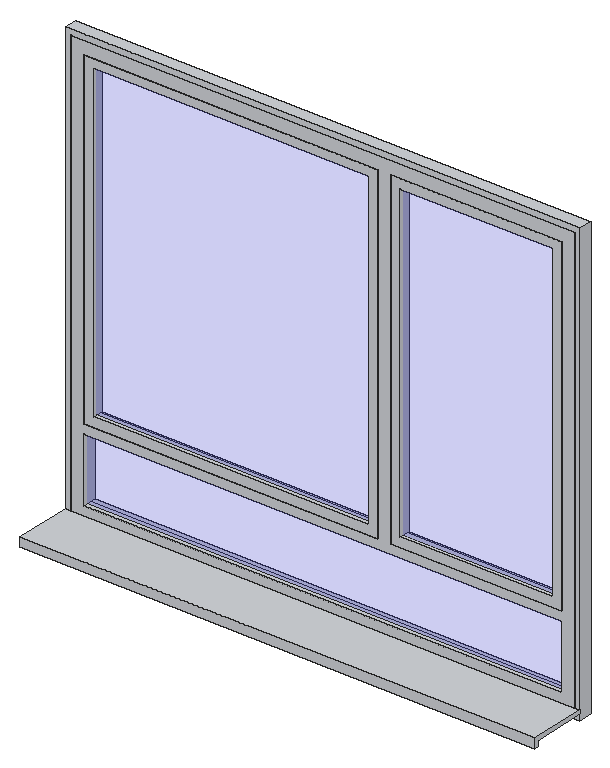
Revit family "AVLN_Окно_Фрамуга общая_2 створки", category Окна, Revit 2021
Family settings
  Основа = Стена
  Номер OmniClass = 23.30.20.00
  Заголовок OmniClass = Windows
  Всегда вертикально = Да
  При загрузке вырезать с полостями = Нет
  Общий = Нет
  Точка принадлежности помещению = Нет
Parameters (values of type "Для копирования!")
  Ширина рамы = 70 mm
  Ширина импоста = 50 mm
  Четверть слева/справа = 50 mm
  Четверть низ = 0 mm  # constant formula
  Четверть верх = 50 mm
  Створка_снизу_ширина = Width - Монтажный зазор * 2 - Ширина рамы * 2  # 2600 mm
  Створка_снизу_высота = 350 mm
  Створка_толщина = 25 mm  # constant formula
  Толщина основы [instance] = 200 mm
  Створка_справа_ширина = Width - ((Ширина рамы * 3) + (Монтажный зазор * 2) + Створка_слева_ширина)  # 930 mm
  Створка_слева_ширина = 1600 mm
  Створка_профиль = 50 mm
  Створка_высота = Height - (Створка_снизу_высота + (Ширина рамы * 2) + Ширина импоста + (Монтажный зазор * 2))  # 1800 mm
  Определить тепловые свойства по = Тип схем
  Model = ""
  Верх право открывание = АВЛН_Створка открывная : Створка откидная
  Верх лево открывание = АВЛН_Створка открывная : Створка откидная
  Rough Width = Width - Монтажный зазор * 2  # 2740 mm
  Rough Height = Height - Монтажный зазор * 2  # 2340 mm
  Подстановочный профиль_Ширина = 20 mm  # constant formula
  Подстановочный профиль_Толщина = 60 mm
  Подоконник_Толщина = 20 mm
  Подоконник_Длина = Width  # 2800 mm
  Подоконник_Глубина = 280 mm
  Подоконник = yes
  Низ открывание = АВЛН_Створка открывная : Створка глухая
  Глубина вставки = 0 mm
  Отлив_Толщина = 1 mm  # constant formula
  Отлив_Длина = Width - [Четверть слева/справа] * 2  # 2700 mm
  Отлив_Глубина = 280 mm
  Отлив = no
  Откос_Н.Ширина = Width - 2 * [Четверть слева/справа]  # 2700 mm
  Откос_Н.Толщина.8 = 32 mm
  Откос_Н.Толщина.7 = 28 mm
  Откос_Н.Толщина.6 = 24 mm
  Откос_Н.Толщина.5 = 20 mm
  Откос_Н.Толщина.4 = 16 mm
  Откос_Н.Толщина.3 = 12 mm
  Откос_Н.Толщина.2 = 8 mm
  Откос_Н.Толщина.1 = 4 mm
  Откос_Н.Отступ_П = 0 mm  # constant formula
  Откос_Н.Отступ_Л = 0 mm  # constant formula
  Откос_Н.Количество слоев = 0
  Откос_Н.Глубина = 150 mm
  Откос_Н.Высота = Height - Четверть верх - Четверть низ  # 2350 mm
  Откос_В.Толщина.8 = 32 mm
  Откос_В.Толщина.7 = 28 mm
  Откос_В.Толщина.6 = 24 mm
  Откос_В.Толщина.5 = 20 mm
  Откос_В.Толщина.4 = 16 mm
  Откос_В.Толщина.3 = 12 mm
  Откос_В.Толщина.2 = 8 mm
  Откос_В.Толщина.1 = 4 mm
  Откос_В.Отступ_П [instance] = Монтажный зазор + Подоконник_Толщина  # 50 mm
  Откос_В.Отступ_Л [instance] = Монтажный зазор + Подоконник_Толщина  # 50 mm
  Откос_В.Количество слоев = 0
  Откос_В.Глубина [instance] = Толщина основы - Глубина вставки - Ширина рамы  # 130 mm
  Монтажный зазор = 30 mm
  М.Подоконник = none
  М.Отлив = none
  М.Откос_Н.8 = none
  М.Откос_Н.7 = none
  М.Откос_Н.6 = none
  М.Откос_Н.5 = none
  М.Откос_Н.4 = none
  М.Откос_Н.3 = none
  М.Откос_Н.2 = none
  М.Откос_Н.1 = ADSK_Полимеры_ Поливинилхлорид_(ПВХ) белый
  М.Откос_В.8 = none
  М.Откос_В.7 = none
  М.Откос_В.6 = none
  М.Откос_В.5 = none
  М.Откос_В.4 = none
  М.Откос_В.3 = none
  М.Откос_В.2 = none
  М.Откос_В.1 = ADSK_Полимеры_ Поливинилхлорид_(ПВХ) белый
  М.Монтажного зазора = none
  М.Стекла = Стекло
  М.Рамы = none
  М.Подоконный профиль = none
  Type Comments = ""
  Height = 2400 mm
  Высота подоконника по умолчанию = 800 mm
  Замыкание стены = По основе
  Width = 2800 mm
  Аналитическая конструкция = "<Нет>"
  АВЛН_Проем_Ширина [instance] = Width  # 2800 mm
  АВЛН_Проем_Высота [instance] = Height  # 2400 mm
  ADSK_Этаж [instance] = ""
  ADSK_Размер_Ширина = Width  # 2800 mm
  ADSK_Размер_Высота = Height  # 2400 mm
  ADSK_Примечание [instance] = ""
  ADSK_Площадь = Height * Width  # 6.72 m²
  ADSK_Обозначение = ""
  ADSK_Номер секции [instance] = ""
  ADSK_Наименование = ""
  ADSK_Марка = ""
  ADSK_Группирование = ""
  -----------Разрезка----------- = "-----------"  # constant formula
  -----------Профили----------- = "-----------"  # constant formula
  -----------Подоконник----------- = "-----------"  # constant formula
  -----------Отлив----------- = "-----------"  # constant formula
  -----------Откос----------- = "-----------"  # constant formula
  -----------Основные габариты----------- = "-----------"  # constant formula
  -----------Вставка----------- = "-----------"  # constant formula
Types (6, lengths in mm): name | Створка_снизу_ширина | Створка_справа_ширина | Створка_слева_ширина | Створка_высота | Model | Верх право открывание | Верх лево открывание | Rough Width | Rough Height | Подстановочный профиль_Толщина | Подоконник_Длина | Подоконник_Глубина | Подоконник | Отлив_Длина | Отлив_Глубина | Откос_Н.Ширина | Откос_Н.Высота | М.Отлив | М.Откос_Н.1 | М.Откос_В.1 | М.Стекла | М.Рамы | М.Подоконный профиль | Type Comments | Height | Width | АВЛН_Проем_Ширина | АВЛН_Проем_Высота | ADSK_Размер_Ширина | ADSK_Размер_Высота | ADSK_Площадь | ADSK_Обозначение | ADSK_Наименование | ADSK_Марка
  Для копирования! | 2600 | 930 | 1600 | 1800 | "" | АВЛН_Створка открывная : Створка откидная | АВЛН_Створка открывная : Створка откидная | 2740 | 2340 | 60 | 2800 | 280 | yes | 2700 | 280 | 2700 | 2350 | none | ADSK_Полимеры_ Поливинилхлорид_(ПВХ) белый | ADSK_Полимеры_ Поливинилхлорид_(ПВХ) белый | Стекло | none | none | "" | 2400 | 2800 | 2800 | 2400 | 2800 | 2400 | 6.72 m² | "" | "" | ""
  2000х1800(h)_П_двух.створ. откр. | 1800 | 700 | 1030 | 1200 | "" | АВЛН_Створка открывная : Створка повороно-откидная правая | АВЛН_Створка открывная : Створка поворотная левая | 1940 | 1740 | 50 | 2000 | 190 | no | 1900 | 200 | 1900 | 1750 | AVLN_Материал импоста_RAL 7024 | none | none | АВЛН_Остекление окон и дверей | AVLN_Материал импоста_RAL 7024 | AVLN_Материал импоста_RAL 7024 | "АР" | 1800 | 2000 | 2000 | 1800 | 2000 | 1800 | 3.60 m² | "ГОСТ 30674-99" | "БП Б1  1940-1740" | "ОК-6П"
  1600х1800(h)_Л | 1400 | 895 | 435 | 1200 | "" | АВЛН_Створка открывная : Створка глухая | АВЛН_Створка открывная : Створка повороно-откидная левая | 1540 | 1740 | 50 | 1600 | 190 | no | 1500 | 200 | 1500 | 1750 | AVLN_Материал импоста_RAL 7024 | none | none | АВЛН_Остекление окон и дверей | AVLN_Материал импоста_RAL 7024 | AVLN_Материал импоста_RAL 7024 | "АР" | 1800 | 1600 | 1600 | 1800 | 1600 | 1800 | 2.88 m² | "ГОСТ 30674-99" | "" | "ОК-3"
  1600х1800(h) | 1400 | 665 | 665 | 1200 | "Оконный блок" | АВЛН_Створка открывная : Створка глухая | АВЛН_Створка открывная : Створка повороно-откидная левая | 1540 | 1740 | 50 | 1600 | 190 | no | 1500 | 200 | 1500 | 1750 | AVLN_Материал импоста_RAL 7024 | none | none | AVLN_Остекление окон и дверей | AVLN_Материал импоста_RAL 7024 | AVLN_Материал импоста_RAL 7024 | "АР" | 1800 | 1600 | 1600 | 1800 | 1600 | 1800 | 2.88 m² | "ГОСТ 30674-99" | "" | "ОК-5"
  2000х1800(h)_П | 1800 | 700 | 1030 | 1200 | "Оконный блок" | АВЛН_Створка открывная : Створка повороно-откидная правая | АВЛН_Створка открывная : Створка глухая | 1940 | 1740 | 50 | 2000 | 190 | no | 1900 | 200 | 1900 | 1750 | AVLN_Материал импоста_RAL 7024 | none | none | АВЛН_Остекление окон и дверей | AVLN_Материал импоста_RAL 7024 | AVLN_Материал импоста_RAL 7024 | "АР" | 1800 | 2000 | 2000 | 1800 | 2000 | 1800 | 3.60 m² | "ГОСТ 30674-99" | "БП Б1  1940-1740" | "ОК-4П"
  2000х1800(h)_Л | 1800 | 1030 | 700 | 1200 | "Оконный блок" | АВЛН_Створка открывная : Створка глухая | АВЛН_Створка открывная : Створка повороно-откидная левая | 1940 | 1740 | 50 | 2000 | 190 | no | 1900 | 200 | 1900 | 1750 | AVLN_Материал импоста_RAL 7024 | none | none | АВЛН_Остекление окон и дверей | AVLN_Материал импоста_RAL 7024 | AVLN_Материал импоста_RAL 7024 | "АР" | 1800 | 2000 | 2000 | 1800 | 2000 | 1800 | 3.60 m² | "ГОСТ 30674-99" | "БП Б1  1940-1740" | "ОК-4Л"
Reference planes
  plane 1 "По центру (Вперед/Назад)": y = 0
  plane 2 "По центру (Влево/Вправо)": x = 0
  plane 3 "Слева": x = -1400
  plane 4 "Справа": x = 1400
  plane 5 "Подоконник": z = 800
  plane 6 "Заголовок": z = 3200
  plane 7 "Наружный": y = 100
  plane 8 "Внутренние": y = -100
  plane 9 "Окно": y = 100
  plane 10: x = 1370
  plane 11: z = 3170
  plane 12: x = -1370
  plane 13: z = 830
  plane 14: x = 1350
  plane 15: x = -1350
  plane 16: z = 2000
  plane 17: y = 600
  plane 18: y = -400
  plane 19: z = 3150
  plane 20 "Чет. низ": z = 800
  plane 21 "Внутряння грань": y = 30
  plane 22: y = 80
  plane 23 "Импост верх": z = 1300
  plane 24 "Импост низ": z = 1250
  plane 25: z = 900
  plane 26: z = 3100
  plane 27: x = -1300
  plane 28: x = 1300
  plane 29 "4": z = 1275
  plane 30 "5": x = 300
  plane 31 "6": x = 370
  plane 32 "9": x = 0
  plane 33 "10": x = 835
  plane 34 "11": x = -500
  plane 35 "12": z = 2200
  plane 36: z = 1075
Forms (mm)
  Extrusion 1, void
    sketch origin (0, 100, 0) x (1, 0, 0) y (0, 0, 1)
      loop
        line (1350, 3150) -> (-1350, 3150) -> (-1350, 800) -> (1350, 800) -> (1350, 3150)
    from -500 to 20
  Extrusion 2, void
    sketch origin (0, 100, 0) x (1, 0, 0) y (0, 0, 1)
      loop
        line (1400, 3200) -> (-1400, 3200) -> (-1400, 800) -> (1400, 800) -> (1400, 3200)
    from 0 to 500
  Extrusion 3, solid, material <- "М.Монтажного зазора", detail levels medium+fine
    sketch origin (0, 100, 0) x (1, 0, 0) y (0, 0, 1)
      loop
        line (1400, 3200) -> (-1400, 3200) -> (-1400, 800) -> (1400, 800) -> (1400, 3200)
      loop
        line (-1370, 3170) -> (-1370, 830) -> (1370, 830) -> (1370, 3170) -> (-1370, 3170)
    from 0 to 70
  Extrusion 4, solid, material <- "М.Рамы", detail levels medium+fine
    sketch origin (0, 100, 0) x (-1, 0, 0) y (0, 0, 1)
      loop
        line (-1370, 3170) -> (-1370, 830) -> (1370, 830) -> (1370, 3170) -> (-1370, 3170)
      loop
        line (-300, 3100) -> (-300, 1300) -> (1300, 1300) -> (1300, 3100) -> (-300, 3100)
      loop
        line (1300, 900) -> (1300, 1250) -> (-1300, 1250) -> (-1300, 900) -> (1300, 900)
      loop
        line (-370, 3100) -> (-1300, 3100) -> (-1300, 1300) -> (-370, 1300) -> (-370, 3100)
    from -70 to 0
Lines and regions (mm)
  reference lines
    curve 1: line (-1400, -100, 1275) -> (1400, -100, 1275)
    curve 2: line (335, -100, 3200) -> (335, -100, 800)
Text (mm)
  text "EXTERIOR" at (-1963.203, 1332.353, 0), in view "Опорный уровень"
  text "INTERIOR" at (-1981.466, -818.386, 0), in view "Опорный уровень"
  text "Наружный" at (0, 923.751, 2943.296), in view "Справа"
  text "Наружный" at (0, 1240.237, 2685.409), in view "Слева"
Dimensions and locks
  equal spacing: plane 3 "Слева", plane 2 "По центру (Влево/Вправо)", plane 4 "Справа"
  "Width": plane 3 "Слева" to plane 4 "Справа"
  "Height": plane 5 "Подоконник" to plane 6 "Заголовок"
  "Высота подоконника по умолчанию": plane 5 "Подоконник" to level
  locked: plane 7 "Наружный" to host wall
  locked: plane 8 "Внутренние" to host wall
  "Глубина вставки": plane 9 "Окно" to plane 7 "Наружный"
  "Монтажный зазор": plane 10 to plane 4 "Справа"
  "Монтажный зазор": plane 3 "Слева" to plane 12
  "Монтажный зазор": plane 11 to plane 6 "Заголовок"
  "Монтажный зазор": plane 5 "Подоконник" to plane 13
  "Четверть слева/справа": plane 14 to plane 4 "Справа"
  "Четверть слева/справа": plane 3 "Слева" to plane 15
  equal spacing: plane 5 "Подоконник", plane 16, plane 6 "Заголовок"
  locked: plane 7 "Наружный" to plane 17 at 500
  locked: plane 18 to plane 8 "Внутренние" at 300
  "Четверть верх": plane 19 to plane 6 "Заголовок"
  "Четверть низ": plane 5 "Подоконник" to plane 20 "Чет. низ"
  "Ширина рамы": plane 9 "Окно" to plane 21 "Внутряння грань"
  "Толщина основы": host wall to host wall
  locked: plane 22 to plane 21 "Внутряння грань" at 50
  "Ширина импоста": plane 24 "Импост низ" to plane 23 "Импост верх"
  "Ширина рамы": plane 28 to plane 10
  "Ширина рамы": plane 12 to plane 27
  "Ширина рамы": plane 13 to plane 25
  "Ширина рамы": plane 26 to plane 11
  plane 23 "Импост верх" to plane 26 = 1800 mm  (x2)
  "Створка_снизу_высота": plane 25 to plane 24 "Импост низ"
  equal spacing: plane 23 "Импост верх", plane 29 "4", plane 24 "Импост низ"
  "Створка_слева_ширина": plane 27 to plane 30 "5"
  "Ширина рамы": plane 30 "5" to plane 31 "6"
  equal spacing: plane 30 "5", curve 2, plane 31 "6"
  equal spacing: plane 31 "6", plane 33 "10", plane 28
  equal spacing: plane 27, plane 34 "11", plane 30 "5"
  equal spacing: plane 26, plane 35 "12", plane 23 "Импост верх"
  equal spacing: plane 24 "Импост низ", plane 36, plane 25
  plane 31 "6" to plane 28 = 930 mm
  plane 25 to plane 36 to plane 24 "Импост низ" = 175 mm, 175 mm
  aligned and locked: Extrusion 1 sketch curve to plane 14
  aligned and locked: Extrusion 1 sketch curve to plane 15
  aligned and locked: Extrusion 1 to plane 17
  aligned and locked: Extrusion 2 sketch curve to plane 6 "Заголовок"
  aligned and locked: Extrusion 2 sketch curve to plane 4 "Справа"
  aligned and locked: plane 5 "Подоконник" to Extrusion 2 sketch curve
  aligned and locked: plane 3 "Слева" to Extrusion 2 sketch curve
  aligned and locked: Extrusion 2 to plane 9 "Окно"
  aligned and locked: Extrusion 2 to plane 18
  aligned and locked: Extrusion 1 sketch curve to plane 19
  aligned and locked: plane 20 "Чет. низ" to Extrusion 1 sketch curve
  aligned and locked: plane 9 "Окно" to nested 1
  aligned and locked: plane 2 "По центру (Влево/Вправо)" to nested 1
  aligned and locked: nested 2 to plane 21 "Внутряння грань"
  aligned and locked: nested 2 to plane 2 "По центру (Влево/Вправо)"
  aligned and locked: nested 3 to plane 2 "По центру (Влево/Вправо)"
  aligned and locked: plane 8 "Внутренние" to nested 3
  aligned and locked: nested 4 to plane 9 "Окно"
  aligned and locked: Extrusion 3 sketch curve to plane 6 "Заголовок"
  aligned and locked: Extrusion 3 sketch curve to plane 4 "Справа"
  aligned and locked: Extrusion 3 sketch curve to nested 2  (x2)
  aligned and locked: Extrusion 3 sketch curve to plane 11
  aligned and locked: Extrusion 3 sketch curve to plane 12
  aligned and locked: Extrusion 3 sketch curve to plane 13
  aligned and locked: Extrusion 3 sketch curve to plane 10
  aligned and locked: Extrusion 3 to nested 2
  aligned and locked: Extrusion 4 sketch curve to plane 24 "Импост низ"
  aligned and locked: plane 23 "Импост верх" to Extrusion 4 sketch curve
  aligned and locked: Extrusion 4 sketch curve to Extrusion 4 sketch curve
  aligned and locked: plane 27 to Extrusion 4 sketch curve
  aligned and locked: Extrusion 4 sketch curve to plane 12
  aligned and locked: Extrusion 4 sketch curve to plane 13
  aligned and locked: Extrusion 4 sketch curve to plane 26
  aligned and locked: Extrusion 4 sketch curve to plane 11
  aligned and locked: plane 20 "Чет. низ" to nested 4
  aligned and locked: nested 4 to plane 2 "По центру (Влево/Вправо)"
  aligned and locked: Extrusion 3 to plane 9 "Окно"
  aligned and locked: Extrusion 4 to plane 21 "Внутряння грань"
  aligned and locked: Extrusion 4 to plane 9 "Окно"
  aligned and locked: Extrusion 1 to plane 22
  aligned and locked: curve 1 to plane 29 "4"
  aligned and locked: plane 3 "Слева" to curve 1
  aligned and locked: plane 4 "Справа" to curve 1
  aligned and locked: Extrusion 4 sketch curve to plane 10
  aligned and locked: plane 26 to Extrusion 4 sketch curve
  aligned and locked: Extrusion 4 sketch curve to plane 28
  aligned and locked: Extrusion 4 sketch curve to plane 23 "Импост верх"
  aligned and locked: Extrusion 4 sketch curve to plane 31 "6"
  aligned and locked: plane 6 "Заголовок" to curve 2
  aligned and locked: plane 5 "Подоконник" to curve 2
  aligned and locked: plane 28 to Extrusion 4
  aligned and locked: Extrusion 4 to plane 27
  aligned and locked: plane 32 "9" to nested 5
  aligned and locked: nested 5 to plane 16
  aligned and locked: plane 33 "10" to nested 6
  aligned and locked: nested 6 to plane 35 "12"
  aligned and locked: plane 34 "11" to nested 7
  aligned and locked: nested 7 to plane 35 "12"
  aligned and locked: nested 8 to plane 36
  aligned and locked: plane 32 "9" to nested 8
Automatic sketch dimensions
  plane 28 to Extrusion 4 sketch curve = 0 mm
  plane 30 "5" to Extrusion 4 sketch curve = 0 mm
  Extrusion 4 sketch curve to plane 25 = 0 mm
Nested families
  nested 1: "Отлив" at (0, 100, 800) x (-1, 0, 0) z (0, 0, 1), Глубина отлива <- "Отлив_Глубина", Длина отлива <- "Отлив_Длина", ТО <- "Отлив_Толщина", Ш_МЗЗ <- "Монтажный зазор", Ш_ПП <- "Подстановочный профиль_Ширина", ADSK_Группирование <- "ADSK_Группирование", ADSK_Номер секции <- "ADSK_Номер секции", ADSK_Этаж <- "ADSK_Этаж", visible <- "Отлив", М <- "М.Отлив", type "Отлив", detail levels fine
    with Ш_ПП 20 mm, Ш_МЗЗ 30 mm, ТО 1 mm, М none, Длина отлива 2700 mm, Глубина отлива 280 mm, ADSK_Этаж "", ADSK_Примечание "", ADSK_Обозначение "", ADSK_Номер секции "", ADSK_Наименование "", ADSK_Марка "", ADSK_Группирование ""
  nested 2: "Подоконник" at (0, 30, 800), Глубина подоконника <- "Подоконник_Глубина", Длина отлива <- "Подоконник_Длина", ТП <- "Подоконник_Толщина", Ш_МЗЗ <- "Монтажный зазор", Ш_ПП <- "Подстановочный профиль_Ширина", ADSK_Группирование <- "ADSK_Группирование", ADSK_Номер секции <- "ADSK_Номер секции", ADSK_Этаж <- "ADSK_Этаж", visible <- "Подоконник", М <- "М.Подоконник", type "Подоконник", detail levels fine
    with Ш_ПП 20 mm, Ш_МЗЗ 30 mm, ТП 20 mm, М none, Длина отлива 2800 mm, Глубина подоконника 280 mm, ADSK_Этаж "", ADSK_Примечание "", ADSK_Обозначение "", ADSK_Номер секции "", ADSK_Наименование "", ADSK_Марка "", ADSK_Группирование ""
  nested 3: "AVLN_Откосы_R19" at (0, -100, 0), Глубина <- "Откос_В.Глубина", Высота от уровня <- "Высота подоконника по умолчанию", ADSK_Группирование <- "Type Comments", ADSK_Этаж <- "ADSK_Этаж", ADSK_Номер секции <- "ADSK_Номер секции", Материал_1 <- "М.Откос_В.1", Материал_2 <- "М.Откос_В.2", Материал_3 <- "М.Откос_В.3", Материал_4 <- "М.Откос_В.4", Материал_5 <- "М.Откос_В.5", Материал_6 <- "М.Откос_В.6", Материал_7 <- "М.Откос_В.7", Материал_8 <- "М.Откос_В.8", Толщина_1 <- "Откос_В.Толщина.1", Толщина_2 <- "Откос_В.Толщина.2", Толщина_3 <- "Откос_В.Толщина.3", Толщина_4 <- "Откос_В.Толщина.4", Толщина_5 <- "Откос_В.Толщина.5", Толщина_6 <- "Откос_В.Толщина.6", Толщина_7 <- "Откос_В.Толщина.7", Толщина_8 <- "Откос_В.Толщина.8", Количество слоев <- "Откос_В.Количество слоев", Отступ_Л <- "Откос_В.Отступ_Л", Отступ_П <- "Откос_В.Отступ_П", Высота <- "Height", Ширина <- "Width", type "AVLN_Откосы_R19"
    with Ширина_8 2576 mm, Ширина_7 2632 mm, Ширина_6 2680 mm, Ширина_5 2720 mm, Ширина_4 2752 mm, Ширина_3 2776 mm, Ширина_2 2792 mm, Ширина 2800 mm, Толщина_8 32 mm, Толщина_7 28 mm, Толщина_6 24 mm, Толщина_5 20 mm, Толщина_4 16 mm, Толщина_3 12 mm, Толщина_2 8 mm, Толщина_1 4 mm, Отступ_П 50 mm, Отступ_Л 50 mm, Материал_8 none, Материал_7 none, Материал_6 none, Материал_5 none, Материал_4 none, Материал_3 none, Материал_2 none, Материал_1 ADSK_Полимеры_ Поливинилхлорид_(ПВХ) белый, Количество слоев 0, Глубина 130 mm, Высота_8 2288 mm, Высота_7 2316 mm, Высота_6 2340 mm, Высота_5 2360 mm, Высота_4 2376 mm, Высота_3 2388 mm, Высота_2 2396 mm, Высота от уровня 800 mm, Высота 2400 mm, Видимость_8 no, Видимость_7 no, Видимость_6 no, Видимость_5 no, Видимость_4 no, Видимость_3 no, Видимость_2 no, Видимость_1 no, ADSK_Этаж "", ADSK_Номер секции "", ADSK_Группирование ""
  nested 4: "AVLN_Откосы_R19" at (0, 100, 0), Ширина <- "Откос_Н.Ширина", Глубина <- "Откос_Н.Глубина", Высота <- "Откос_Н.Высота", Высота от уровня <- "Высота подоконника по умолчанию", ADSK_Группирование <- "Type Comments", ADSK_Этаж <- "ADSK_Этаж", ADSK_Номер секции <- "ADSK_Номер секции", Материал_1 <- "М.Откос_Н.1", Материал_2 <- "М.Откос_Н.2", Материал_3 <- "М.Откос_Н.3", Материал_4 <- "М.Откос_Н.4", Материал_5 <- "М.Откос_Н.5", Материал_6 <- "М.Откос_Н.6", Материал_7 <- "М.Откос_Н.7", Материал_8 <- "М.Откос_Н.8", Толщина_1 <- "Откос_Н.Толщина.1", Толщина_2 <- "Откос_Н.Толщина.2", Толщина_3 <- "Откос_Н.Толщина.3", Толщина_4 <- "Откос_Н.Толщина.4", Толщина_5 <- "Откос_Н.Толщина.5", Толщина_6 <- "Откос_Н.Толщина.6", Толщина_7 <- "Откос_Н.Толщина.7", Толщина_8 <- "Откос_Н.Толщина.8", Количество слоев <- "Откос_Н.Количество слоев", Отступ_Л <- "Откос_Н.Отступ_Л", Отступ_П <- "Откос_Н.Отступ_П", type "AVLN_Откосы_R19"
    with Ширина_8 2476 mm, Ширина_7 2532 mm, Ширина_6 2580 mm, Ширина_5 2620 mm, Ширина_4 2652 mm, Ширина_3 2676 mm, Ширина_2 2692 mm, Ширина 2700 mm, Толщина_8 32 mm, Толщина_7 28 mm, Толщина_6 24 mm, Толщина_5 20 mm, Толщина_4 16 mm, Толщина_3 12 mm, Толщина_2 8 mm, Толщина_1 4 mm, Отступ_П 0 mm, Отступ_Л 0 mm, Материал_8 none, Материал_7 none, Материал_6 none, Материал_5 none, Материал_4 none, Материал_3 none, Материал_2 none, Материал_1 ADSK_Полимеры_ Поливинилхлорид_(ПВХ) белый, Количество слоев 0, Глубина 150 mm, Высота_8 2238 mm, Высота_7 2266 mm, Высота_6 2290 mm, Высота_5 2310 mm, Высота_4 2326 mm, Высота_3 2338 mm, Высота_2 2346 mm, Высота от уровня 800 mm, Высота 2350 mm, Видимость_8 no, Видимость_7 no, Видимость_6 no, Видимость_5 no, Видимость_4 no, Видимость_3 no, Видимость_2 no, Видимость_1 no, ADSK_Этаж "", ADSK_Номер секции "", ADSK_Группирование ""
  nested 5: "AVLN_Обозначение проема" at (0, 100, 2000) x (0, 0, -1) z (0, -1, 0), ADSK_Размер_Высота <- "АВЛН_Проем_Ширина", ADSK_Размер_Ширина <- "АВЛН_Проем_Высота", type "AVLN_Обозначение проема", detail levels coarse
    with ADSK_Размер_Ширина 2400 mm, ADSK_Размер_Высота 2800 mm
  nested 6: "АВЛН_Створка открывная" at (835, 30, 2200) x (-1, 0, 0) z (0, 1, 0), type <- "Верх право открывание", Створка высота <- "Створка_высота", Створка ширина <- "Створка_справа_ширина", Ширина рамы <- "Створка_профиль", Материал_Ручки <- "М.Рамы", Материал_Рама <- "М.Рамы", Материал_Стеклопакет <- "М.Стекла", type "Створка откидная", detail levels medium+fine
    with Ширина рамы 50 mm, Створка ширина 930 mm, Створка высота 1800 mm, Материал_Стеклопакет Стекло, Материал_Ручки none, Материал_Рама none
  nested 7: "АВЛН_Створка открывная" at (-500, 30, 2200) x (-1, 0, 0) z (0, 1, 0), type <- "Верх лево открывание", Створка высота <- "Створка_высота", Створка ширина <- "Створка_слева_ширина", Ширина рамы <- "Створка_профиль", Материал_Ручки <- "М.Рамы", Материал_Рама <- "М.Рамы", Материал_Стеклопакет <- "М.Стекла", type "Створка откидная", detail levels medium+fine
    with Ширина рамы 50 mm, Створка ширина 1600 mm, Створка высота 1800 mm, Материал_Стеклопакет Стекло, Материал_Ручки none, Материал_Рама none
  nested 8: "АВЛН_Створка открывная" at (0, 30, 1075) x (-1, 0, 0) z (0, 1, 0), Створка высота <- "Створка_снизу_высота", Створка ширина <- "Створка_снизу_ширина", Ширина рамы <- "Створка_профиль", type <- "Низ открывание", Материал_Ручки <- "М.Рамы", Материал_Рама <- "М.Рамы", Материал_Стеклопакет <- "М.Стекла", type "Створка глухая", detail levels medium+fine
    with Ширина рамы 50 mm, Створка ширина 2600 mm, Створка высота 350 mm, Материал_Стеклопакет Стекло, Материал_Ручки none, Материал_Рама none
Definition of nested family "Отлив"
  Parameters (values of type "Отлив")
    Ш_ПП [instance] = 50 mm
    Ш_МЗЗ [instance] = 35 mm
    ТО [instance] = 1 mm
    Default Elevation = 1219.2 mm
    М [instance] = none
    Длина отлива [instance] = 1560 mm
    Глубина отлива [instance] = 280 mm
    ADSK_Этаж [instance] = ""
    ADSK_Примечание [instance] = ""
    ADSK_Обозначение [instance] = ""
    ADSK_Номер секции [instance] = ""
    ADSK_Наименование [instance] = ""
    ADSK_Марка [instance] = ""
    ADSK_Группирование [instance] = ""
  Reference planes
    plane 1 "По центру (Вперед/Назад)": y = 0
    plane 2: z = 0
    plane 3 "По центру (Влево/Вправо)": x = 0
    plane 4: y = -280
    plane 5: x = -780
    plane 6: x = 780
    plane 7: z = 35
    plane 8: z = 85
    plane 9: y = -1
    plane 10: y = -300
    plane 11: y = -301
    plane 12: z = -35
    plane 13: z = 34
  Forms (mm)
    Extrusion 1, solid, material <- "М"
      sketch origin (0, 0, 0) x (0, 1, 0) y (0, 0, 1)
        loop
          line (0, 85) -> (-1, 85) -> (-1, 34.893) -> (-301, 0.893) -> (-301, -35) -> (-300, -35) -> (-300, 0) -> (0, 34) -> (0, 85)
      from -780 to 780
  Dimensions and locks
    equal spacing: plane 5, plane 3 "По центру (Влево/Вправо)", plane 6
    "Длина отлива": plane 5 to plane 6
    "Глубина отлива": plane 4 to plane 1 "По центру (Вперед/Назад)"
    "Ш_МЗЗ": plane 7 to level
    "Ш_ПП": plane 8 to plane 7
    "ТО": plane 1 "По центру (Вперед/Назад)" to plane 9
    "ТО": plane 10 to plane 11
    locked: level to plane 12 at 35
    "ТО": plane 7 to plane 13
    "ТО": Extrusion 1 sketch curve to Extrusion 1 sketch curve
    locked: plane 4 to plane 10 at 20
    aligned and locked: level to plane 2
    aligned and locked: plane 8 to Extrusion 1 sketch curve
    aligned and locked: plane 9 to Extrusion 1 sketch curve
    aligned and locked: plane 11 to Extrusion 1 sketch curve
    aligned and locked: plane 12 to Extrusion 1 sketch curve
    aligned and locked: plane 1 "По центру (Вперед/Назад)" to Extrusion 1 sketch curve  (x2)
    aligned and locked: plane 13 to Extrusion 1 sketch curve
    aligned and locked: level to Extrusion 1 sketch curve
    aligned and locked: plane 10 to Extrusion 1 sketch curve
    aligned and locked: plane 6 to Extrusion 1
    aligned and locked: Extrusion 1 to plane 5
Definition of nested family "Подоконник"
  Parameters (values of type "Подоконник")
    Ш_ПП [instance] = 50 mm
    Ш_МЗЗ [instance] = 35 mm
    ТП [instance] = 20 mm
    Default Elevation = 1219.2 mm
    М [instance] = none
    Длина отлива [instance] = 1560 mm
    Глубина подоконника [instance] = 280 mm
    ADSK_Этаж [instance] = ""
    ADSK_Примечание [instance] = ""
    ADSK_Обозначение [instance] = ""
    ADSK_Номер секции [instance] = ""
    ADSK_Наименование [instance] = ""
    ADSK_Марка [instance] = ""
    ADSK_Группирование [instance] = ""
  Reference planes
    plane 1 "По центру (Вперед/Назад)": y = 0
    plane 2: z = 0
    plane 3 "По центру (Влево/Вправо)": x = 0
    plane 4: y = -280
    plane 5: x = -780
    plane 6: x = 780
    plane 7: z = 35
    plane 8: z = 85
    plane 9: y = -20
    plane 10: y = -290
    plane 11: y = -310
    plane 12: z = -35
    plane 13: z = 15
    plane 14: z = 65
  Forms (mm)
    Extrusion 1, solid, material <- "М"
      sketch origin (0, 0, 0) x (0, 1, 0) y (0, 0, 1)
        loop
          line (0, 85) -> (-310, 85) -> (-310, 0) -> (-290, 0) -> (-290, 65) -> (0, 65) -> (0, 85)
      from -780 to 780
  Dimensions and locks
    equal spacing: plane 5, plane 3 "По центру (Влево/Вправо)", plane 6
    "Длина отлива": plane 5 to plane 6
    "Глубина подоконника": plane 4 to plane 1 "По центру (Вперед/Назад)"
    "Ш_МЗЗ": plane 7 to level
    "Ш_ПП": plane 8 to plane 7
    "ТП": plane 1 "По центру (Вперед/Назад)" to plane 9
    "ТП": plane 10 to plane 11
    locked: level to plane 12 at 35
    "ТП": plane 7 to plane 13
    locked: plane 4 to plane 10 at 10
    "ТП": plane 8 to plane 14
    aligned and locked: level to plane 2
    aligned and locked: plane 8 to Extrusion 1 sketch curve
    aligned and locked: plane 1 "По центру (Вперед/Назад)" to Extrusion 1 sketch curve
    aligned and locked: plane 10 to Extrusion 1 sketch curve
    aligned and locked: plane 11 to Extrusion 1 sketch curve
    aligned and locked: level to Extrusion 1 sketch curve
    aligned and locked: plane 14 to Extrusion 1 sketch curve
    aligned and locked: Extrusion 1 to plane 5
    aligned and locked: plane 6 to Extrusion 1
Definition of nested family "АВЛН_Створка открывная"
  Parameters (values of type "Створка повороно-откидная правая")
    Ширина рамы [instance] = 50 mm
    Width = 1600 mm
    Створка ширина [instance] = 800 mm
    Створка высота [instance] = 700 mm
    Define Thermal Properties by = 1
    Материал_Стеклопакет [instance] = none
    Поворотная Правая = yes
    Поворотная Левая = no
    Default Elevation = 1219.2 mm
    Открываная = yes
    Откидная = yes
    Материал_Ручки [instance] = none
    Материал_Рама [instance] = none
    Левая = yes
    Глухое = no
    Height = 1800 mm
    Analytic Construction = "<Нет>"
  Types (6, lengths in mm): name | Поворотная Правая | Поворотная Левая | Открываная | Откидная | Глухое
    Створка повороно-откидная правая | yes | no | yes | yes | no
    Створка повороно-откидная левая | no | yes | yes | yes | no
    Створка глухая | no | no | no | no | yes
    Створка откидная | no | no | yes | yes | no
    Створка поворотная правая | yes | no | yes | no | no
    Створка поворотная левая | no | yes | yes | no | no
  Reference planes
    plane 1 "По центру (Вперед/Назад)": y = 0
    plane 2 "Внутрення грань": z = 0
    plane 3 "По центру (Влево/Вправо)": x = 0
    plane 4: y = 350
    plane 5: x = 400
    plane 6: y = -350
    plane 7: x = -400
    plane 8 "Наружняя грань": z = 60.433
    plane 9 "По центру Л/Р": z = 30.216
  Forms (mm)
    Extrusion 1, solid
      sketch origin (0, 0, 0) x (1, 0, 0) y (0, 1, 0)
        loop
          line (-1219.2, 1219.2) -> (-1219.2, -1219.2) -> (1219.2, -1219.2) -> (1219.2, 1219.2) -> (-1219.2, 1219.2)
      from 0 to -304.8
    Sweep 2, solid, material <- "Материал_Рама", visible <- "Открываная"
      path origin (0, 0, 0) x (1, 0, 0) y (0, 1, 0)
        loop
          line (400, 350) -> (-400, 350) -> (-400, -350) -> (400, -350) -> (400, 350)
      profile origin (0, 350, 0) x (0, -1, 0) y (0, 0, 1)
        loop
          line (0, 0) -> (50, 0) -> (50, 60.433) -> (0, 60.433) -> (0, 0)
    Extrusion 3, solid, material <- "Материал_Стеклопакет", visible <- "Открываная"
      sketch origin (0, 0, 0) x (1, 0, 0) y (0, 1, 0)
        loop
          line (-350, 300) -> (-350, -300) -> (350, -300) -> (350, 300) -> (-350, 300)
      from 17.481 to 42.952
    Extrusion 4, solid, material <- "Материал_Стеклопакет", visible <- "Глухое"
      sketch origin (0, 0, 0) x (1, 0, 0) y (0, 1, 0)
        loop
          line (-400, 350) -> (-400, -350) -> (400, -350) -> (400, 350) -> (-400, 350)
      from 17.481 to 42.952
  Lines and regions (mm)
    model lines, visible <- "Глухое", detail levels medium+fine
      curve 1: line (0, 50, 60.433) -> (0, -50, 60.433)
      curve 2: line (50, 0, 60.433) -> (-50, 0, 60.433)
      curve 17: line (0, 50, 0) -> (0, -50, 0)
      curve 18: line (50, 0, 0) -> (-50, 0, 0)
    model lines, visible <- "Глухое", not visible, detail levels medium+fine
      curve 3: line (60, 38.001, 60.433) -> (60, -61.999, 60.433)
      curve 4: line (110, -11.999, 60.433) -> (10, -11.999, 60.433)
    model lines, visible <- "Поворотная Левая", detail levels medium+fine
      curve 5: line (400, 350, 0) -> (-400, 0, 0)
      curve 6: line (400, -350, 0) -> (-400, 0, 0)
      curve 13: line (400, 350, 60.433) -> (-400, 0, 60.433)
      curve 14: line (400, -350, 60.433) -> (-400, 0, 60.433)
    model lines, visible <- "Откидная", detail levels medium+fine
      curve 7: line (-400, -350, 0) -> (0, 350, 0)
      curve 8: line (0, 350, 0) -> (400, -350, 0)
      curve 15: line (-400, -350, 60.433) -> (0, 350, 60.433)
      curve 16: line (0, 350, 60.433) -> (400, -350, 60.433)
    model lines, visible <- "Поворотная Правая", detail levels medium+fine
      curve 9: line (-400, 350, 0) -> (400, 0, 0)
      curve 10: line (-400, -350, 0) -> (400, 0, 0)
      curve 11: line (-400, 350, 60.433) -> (400, 0, 60.433)
      curve 12: line (-400, -350, 60.433) -> (400, 0, 60.433)
  Dimensions and locks
    "Створка высота": plane 4 to plane 6
    "Створка ширина": plane 7 to plane 5
    equal spacing: plane 7, plane 3 "По центру (Влево/Вправо)", plane 5
    equal spacing: plane 6, plane 1 "По центру (Вперед/Назад)", plane 4
    plane 2 "Внутрення грань" to plane 8 "Наружняя грань" = 60.433 mm
    level to Extrusion 4 = 42.952 mm
    plane 8 "Наружняя грань" to level = 60.433 mm
    equal spacing: Extrusion 3, plane 9 "По центру Л/Р", Extrusion 3
    equal spacing: plane 8 "Наружняя грань", plane 9 "По центру Л/Р", level
    Extrusion 3 to Extrusion 3 = 25.471 mm
    "Ширина рамы": profile plane to Sweep 2 sketch curve
    equal spacing: Extrusion 4, plane 9 "По центру Л/Р", Extrusion 4, locked at 12.735 each
    locked: Extrusion 4 to Extrusion 4 at 25.471
    equal spacing: Sweep 2, nested 1, Sweep 2
    equal spacing: Sweep 2, nested 2, Sweep 2
    aligned and locked: plane 2 "Внутрення грань" to Extrusion 1
    aligned and locked: level to Extrusion 1
    aligned and locked: plane 4 to Sweep 2 sketch curve
    aligned and locked: plane 5 to Sweep 2 sketch curve
    aligned and locked: plane 6 to Sweep 2 sketch curve
    aligned and locked: Sweep 2 sketch curve to plane 7
    aligned and locked: Extrusion 3 sketch curve to Sweep 2  (x4)
    aligned and locked: Extrusion 4 sketch curve to Sweep 2  (x3)
    aligned and locked: Extrusion 4 sketch curve to plane 5
    aligned and locked: Sweep 2 sketch curve to plane 8 "Наружняя грань"
    aligned and locked: plane 6 to Extrusion 4
    aligned and locked: plane 4 to Extrusion 4
    aligned and locked: curve 2 to plane 1 "По центру (Вперед/Назад)"
    aligned and locked: curve 1 to plane 3 "По центру (Влево/Вправо)"
    aligned and locked: curve 18 to plane 1 "По центру (Вперед/Назад)"
    aligned and locked: curve 17 to plane 3 "По центру (Влево/Вправо)"
    aligned and locked: nested 2 to plane 1 "По центру (Вперед/Назад)"
    aligned and locked: nested 1 to plane 1 "По центру (Вперед/Назад)"
  Automatic sketch dimensions
    Extrusion 1 sketch curve to Extrusion 1 sketch curve = 2438.4 mm  (x2)
    plane 1 "По центру (Вперед/Назад)" to curve 5 = 0 mm
    curve 5 to plane 7 = 0 mm
    curve 9 to plane 4 = 0 mm
    curve 9 to plane 7 = 0 mm
    plane 6 to curve 7 = 0 mm
    curve 7 to plane 7 = 0 mm
    curve 7 to plane 3 "По центру (Влево/Вправо)" = 0 mm
    curve 6 to plane 5 = 0 mm
    plane 1 "По центру (Вперед/Назад)" to curve 9 = 0 mm
    curve 9 to plane 5 = 0 mm
    curve 5 to plane 4 = 0 mm
    curve 5 to plane 5 = 0 mm
    plane 6 to curve 8 = 0 mm
    curve 8 to plane 4 = 0 mm
    curve 11 to plane 4 = 0 mm
    curve 11 to plane 7 = 0 mm
    plane 6 to curve 15 = 0 mm
    curve 15 to plane 7 = 0 mm
    plane 1 "По центру (Вперед/Назад)" to curve 14 = 0 mm
    curve 14 to plane 7 = 0 mm
    curve 15 to plane 3 "По центру (Влево/Вправо)" = 0 mm
    plane 1 "По центру (Вперед/Назад)" to curve 11 = 0 mm
    curve 11 to plane 5 = 0 mm
    curve 14 to plane 5 = 0 mm
    curve 13 to plane 4 = 0 mm
    curve 13 to plane 5 = 0 mm
    plane 6 to curve 14 = 0 mm
    curve 15 to plane 4 = 0 mm
    plane 1 "По центру (Вперед/Назад)" to curve 2 = 0 mm
    curve 1 to plane 3 "По центру (Влево/Вправо)" = 0 mm
    curve 2 to plane 3 "По центру (Влево/Вправо)" = 50 mm
    plane 3 "По центру (Влево/Вправо)" to curve 2 = 50 mm
    plane 1 "По центру (Вперед/Назад)" to curve 1 = 50 mm
    curve 1 to plane 1 "По центру (Вперед/Назад)" = 50 mm
    curve 18 to curve 17 = 50 mm
    curve 17 to curve 18 = 50 mm
    plane 1 "По центру (Вперед/Назад)" to curve 17 = 50 mm
    curve 17 to plane 1 "По центру (Вперед/Назад)" = 50 mm
    Sweep 2 sketch curve to level = 0 mm
    Sweep 2 sketch curve to profile plane = 0 mm
  Nested families
    nested 1: "АВЛН_Ручка" at (375, 1040, 0) x (1, 0, 0) z (0, -1, 0), visible <- "Поворотная Правая", Материал дверной ручки <- "Материал_Рама", type "АВЛН_Ручка", detail levels fine
      with Материал дверной ручки none, Высота расположения дверной ручки 1040 mm
    nested 2: "АВЛН_Ручка" at (-375, 1040, 0) x (1, 0, 0) z (0, -1, 0), visible <- "Поворотная Левая", Материал дверной ручки <- "Материал_Рама", type "АВЛН_Ручка", detail levels fine
      with Материал дверной ручки none, Высота расположения дверной ручки 1040 mm
  Definition of nested family "АВЛН_Ручка"
    Parameters (values of type "АВЛН_Ручка")
      Default Elevation = 1219.2 mm
      Материал дверной ручки [instance] = none
      Высота расположения дверной ручки [instance] = 1040 mm
      Analytic Construction = "<Нет>"
      b = 25 mm
      a = 75 mm
    Reference planes
      plane 1 "По центру (Вперед/Назад)": y = 0
      plane 2: z = 0
      plane 3 "По центру (Влево/Вправо)": x = 0
      plane 4: z = 1040
      plane 5: x = 12.5
      plane 6: x = -12.5
      plane 7: z = 1002.5
      plane 8: z = 1077.5
      plane 9: y = -15
    Forms (mm)
      Extrusion 1, solid, material <- "Материал дверной ручки"
        sketch origin (0, 0, 2080) x (-1, 0, 0) y (0, 0, -1)
          loop
            arc (-2.5, 1077.5) -> (-9.571, 1074.571) -> (-12.5, 1067.5) r 10
            line (-12.5, 1067.5) -> (-12.5, 1012.5)
            arc (-12.5, 1012.5) -> (-9.571, 1005.429) -> (-2.5, 1002.5) r 10
            line (-2.5, 1002.5) -> (2.5, 1002.5)
            arc (2.5, 1002.5) -> (9.571, 1005.429) -> (12.5, 1012.5) r 10
            line (12.5, 1012.5) -> (12.5, 1067.5)
            arc (12.5, 1067.5) -> (9.571, 1074.571) -> (2.5, 1077.5) r 10
            line (2.5, 1077.5) -> (-2.5, 1077.5)
        from 0 to 15
      Sweep 2, solid, material <- "Материал дверной ручки"
        path origin (-1040, 0, 1040) x (0, 0, -1) y (0, 1, 0)
          loop
            line (0, -15) -> (0, -38.261)
            arc (0, -38.261) -> (-2.929, -45.332) -> (-10, -48.261) r 10
            line (-10, -48.261) -> (-130, -48.261)
        profile origin (-1040, -26.63, 1040) x (0, 0, -1) y (1, 0, 0)
          loop
            circle (0, 1040) r 8
    Dimensions and locks
      "Высота расположения дверной ручки": plane 4 to level
      "a": plane 7 to plane 8
      "b": plane 6 to plane 5
      plane 6 to plane 5 = 25 mm
      locked: plane 1 "По центру (Вперед/Назад)" to plane 9 at 15
      plane 7 to plane 8 = 75 mm
      aligned and locked: level to plane 2
      aligned and locked: Extrusion 1 sketch curve to plane 7
      aligned and locked: plane 5 to Extrusion 1 sketch curve
      aligned and locked: plane 8 to Extrusion 1 sketch curve
      aligned and locked: Extrusion 1 sketch curve to plane 6
      aligned and locked: Extrusion 1 to plane 1 "По центру (Вперед/Назад)"
    Automatic sketch dimensions
      Sweep 2 sketch curve to plane 9 = 0 mm
      plane 4 to Sweep 2 sketch curve = 10 mm
      plane 9 to Sweep 2 sketch curve = 23.261 mm
      Sweep 2 sketch curve to Sweep 2 sketch curve = 120 mm
      Sweep 2 sketch curve to profile plane = 0 mm
      profile plane to Sweep 2 sketch curve = 1040 mm
      Sweep 2 sketch curve to plane 4 = 0 mm
      plane 3 "По центру (Влево/Вправо)" to Extrusion 1 sketch curve = 2.5 mm  (x2)
      Extrusion 1 sketch curve to plane 3 "По центру (Влево/Вправо)" = 2.5 mm  (x2)
      radius of Sweep 2 sketch curve = 8 mm
Definition of nested family "AVLN_Откосы_R19"
  Parameters (values of type "AVLN_Откосы_R19")
    Ширина_8 [instance] = Ширина_7 - Толщина_7 * 2  # 776 mm
    Ширина_7 [instance] = Ширина_6 - Толщина_6 * 2  # 832 mm
    Ширина_6 [instance] = Ширина_5 - Толщина_5 * 2  # 880 mm
    Ширина_5 [instance] = Ширина_4 - Толщина_4 * 2  # 920 mm
    Ширина_4 [instance] = Ширина_3 - Толщина_3 * 2  # 952 mm
    Ширина_3 [instance] = Ширина_2 - Толщина_2 * 2  # 976 mm
    Ширина_2 [instance] = Ширина - Толщина_1 * 2  # 992 mm
    Ширина [instance] = 1000 mm
    Толщина_8 [instance] = 32 mm
    Толщина_7 [instance] = 28 mm
    Толщина_6 [instance] = 24 mm
    Толщина_5 [instance] = 20 mm
    Толщина_4 [instance] = 16 mm
    Толщина_3 [instance] = 12 mm
    Толщина_2 [instance] = 8 mm
    Толщина_1 [instance] = 4 mm
    Отступ_П [instance] = 0 mm
    Отступ_Л [instance] = 0 mm
    Default Elevation = 1219.2 mm
    Материал_8 [instance] = none
    Материал_7 [instance] = none
    Материал_6 [instance] = none
    Материал_5 [instance] = none
    Материал_4 [instance] = none
    Материал_3 [instance] = none
    Материал_2 [instance] = none
    Материал_1 [instance] = none
    Type Comments = ""
    Количество слоев [instance] = 8
    Глубина [instance] = 200 mm
    Высота_8 [instance] = Высота_7 - Толщина_7  # 1388 mm
    Высота_7 [instance] = Высота_6 - Толщина_6  # 1416 mm
    Высота_6 [instance] = Высота_5 - Толщина_5  # 1440 mm
    Высота_5 [instance] = Высота_4 - Толщина_4  # 1460 mm
    Высота_4 [instance] = Высота_3 - Толщина_3  # 1476 mm
    Высота_3 [instance] = Высота_2 - Толщина_2  # 1488 mm
    Высота_2 [instance] = Высота - Толщина_1  # 1496 mm
    Высота от уровня [instance] = 377.189 mm
    Высота [instance] = 1500 mm
    Видимость_8 [instance] = Количество слоев > 7  # yes
    Видимость_7 [instance] = Количество слоев > 6  # yes
    Видимость_6 [instance] = Количество слоев > 5  # yes
    Видимость_5 [instance] = Количество слоев > 4  # yes
    Видимость_4 [instance] = Количество слоев > 3  # yes
    Видимость_3 [instance] = Количество слоев > 2  # yes
    Видимость_2 [instance] = Количество слоев > 1  # yes
    Видимость_1 [instance] = Количество слоев > 0  # yes
    ADSK_Этаж [instance] = ""
    ADSK_Номер секции [instance] = ""
    ADSK_Группирование [instance] = ""
  Reference planes
    plane 1 "По центру (Вперед/Назад)": y = 0
    plane 2: z = 0
    plane 3 "По центру (Влево/Вправо)": x = 0
    plane 4: y = 200
    plane 5: z = 377.189
  Dimensions and locks
    "Глубина": plane 4 to plane 1 "По центру (Вперед/Назад)"
    "Высота от уровня": plane 5 to level
    aligned and locked: level to plane 2
    aligned and locked: plane 3 "По центру (Влево/Вправо)" to nested 1
    aligned and locked: nested 1 to plane 1 "По центру (Вперед/Назад)"
    aligned and locked: plane 3 "По центру (Влево/Вправо)" to nested 2
    aligned and locked: nested 2 to plane 1 "По центру (Вперед/Назад)"
    aligned and locked: plane 3 "По центру (Влево/Вправо)" to nested 3
    aligned and locked: nested 3 to plane 1 "По центру (Вперед/Назад)"
    aligned and locked: plane 3 "По центру (Влево/Вправо)" to nested 4
    aligned and locked: nested 4 to plane 1 "По центру (Вперед/Назад)"
    aligned and locked: plane 3 "По центру (Влево/Вправо)" to nested 5
    aligned and locked: nested 5 to plane 1 "По центру (Вперед/Назад)"
    aligned and locked: plane 3 "По центру (Влево/Вправо)" to nested 6
    aligned and locked: nested 6 to plane 1 "По центру (Вперед/Назад)"
    aligned and locked: plane 3 "По центру (Влево/Вправо)" to nested 7
    aligned and locked: nested 7 to plane 1 "По центру (Вперед/Назад)"
    aligned and locked: plane 3 "По центру (Влево/Вправо)" to nested 8
    aligned and locked: nested 8 to plane 1 "По центру (Вперед/Назад)"
  Nested families
    nested 1: "Откос_R1" at (0, 100, 377.189), ADSK_Размер_Глубина <- "Глубина", built-in parameter 1001364 <- "Высота от уровня", ADSK_Группирование <- "ADSK_Группирование", ADSK_Номер секции <- "ADSK_Номер секции", ADSK_Этаж <- "ADSK_Этаж", visible <- "Видимость_1", Видимость <- "Видимость_1", Материал <- "Материал_1", ADSK_Размер_Высота <- "Высота", ADSK_Размер_Толщина <- "Толщина_1", ADSK_Размер_Ширина <- "Ширина", Отступ_Л <- "Отступ_Л", Отступ_П <- "Отступ_П", type "Откос_R19 2"
      with Площадь 0.80 m², Отступ_П 0 mm, Отступ_Л 0 mm, Материал none, Видимость yes, ADSK_Этаж "", ADSK_Размер_Ширина 1000 mm, ADSK_Размер_Толщина 4 mm, ADSK_Размер_Глубина 200 mm, ADSK_Размер_Высота 1500 mm, ADSK_Номер секции "", ADSK_Группирование ""
    nested 2: "Откос_R1" at (0, 100, 377.189), ADSK_Размер_Глубина <- "Глубина", built-in parameter 1001364 <- "Высота от уровня", ADSK_Группирование <- "ADSK_Группирование", ADSK_Номер секции <- "ADSK_Номер секции", ADSK_Этаж <- "ADSK_Этаж", visible <- "Видимость_2", Видимость <- "Видимость_2", Материал <- "Материал_2", ADSK_Размер_Высота <- "Высота_2", ADSK_Размер_Толщина <- "Толщина_2", ADSK_Размер_Ширина <- "Ширина_2", Отступ_Л <- "Отступ_Л", Отступ_П <- "Отступ_П", type "Откос_R19 2"
      with Площадь 0.7968 m², Отступ_П 0 mm, Отступ_Л 0 mm, Материал none, Видимость yes, ADSK_Этаж "", ADSK_Размер_Ширина 992 mm, ADSK_Размер_Толщина 8 mm, ADSK_Размер_Глубина 200 mm, ADSK_Размер_Высота 1496 mm, ADSK_Номер секции "", ADSK_Группирование ""
    nested 3: "Откос_R1" at (0, 100, 377.189), ADSK_Размер_Глубина <- "Глубина", built-in parameter 1001364 <- "Высота от уровня", ADSK_Группирование <- "ADSK_Группирование", ADSK_Номер секции <- "ADSK_Номер секции", ADSK_Этаж <- "ADSK_Этаж", visible <- "Видимость_3", Видимость <- "Видимость_3", Материал <- "Материал_3", ADSK_Размер_Высота <- "Высота_3", ADSK_Размер_Толщина <- "Толщина_3", ADSK_Размер_Ширина <- "Ширина_3", Отступ_Л <- "Отступ_Л", Отступ_П <- "Отступ_П", type "Откос_R19 2"
      with Площадь 0.7904 m², Отступ_П 0 mm, Отступ_Л 0 mm, Материал none, Видимость yes, ADSK_Этаж "", ADSK_Размер_Ширина 976 mm, ADSK_Размер_Толщина 12 mm, ADSK_Размер_Глубина 200 mm, ADSK_Размер_Высота 1488 mm, ADSK_Номер секции "", ADSK_Группирование ""
    nested 4: "Откос_R1" at (0, 100, 377.189), ADSK_Размер_Глубина <- "Глубина", built-in parameter 1001364 <- "Высота от уровня", ADSK_Группирование <- "ADSK_Группирование", ADSK_Номер секции <- "ADSK_Номер секции", ADSK_Этаж <- "ADSK_Этаж", visible <- "Видимость_4", Видимость <- "Видимость_4", Материал <- "Материал_4", ADSK_Размер_Высота <- "Высота_4", ADSK_Размер_Толщина <- "Толщина_4", ADSK_Размер_Ширина <- "Ширина_4", Отступ_Л <- "Отступ_Л", Отступ_П <- "Отступ_П", type "Откос_R19 2"
      with Площадь 0.7808 m², Отступ_П 0 mm, Отступ_Л 0 mm, Материал none, Видимость yes, ADSK_Этаж "", ADSK_Размер_Ширина 952 mm, ADSK_Размер_Толщина 16 mm, ADSK_Размер_Глубина 200 mm, ADSK_Размер_Высота 1476 mm, ADSK_Номер секции "", ADSK_Группирование ""
    nested 5: "Откос_R1" at (0, 100, 377.189), ADSK_Размер_Глубина <- "Глубина", built-in parameter 1001364 <- "Высота от уровня", ADSK_Группирование <- "ADSK_Группирование", ADSK_Номер секции <- "ADSK_Номер секции", ADSK_Этаж <- "ADSK_Этаж", visible <- "Видимость_5", Видимость <- "Видимость_5", Материал <- "Материал_5", ADSK_Размер_Высота <- "Высота_5", ADSK_Размер_Толщина <- "Толщина_5", ADSK_Размер_Ширина <- "Ширина_5", Отступ_Л <- "Отступ_Л", Отступ_П <- "Отступ_П", type "Откос_R19 2"
      with Площадь 0.768 m², Отступ_П 0 mm, Отступ_Л 0 mm, Материал none, Видимость yes, ADSK_Этаж "", ADSK_Размер_Ширина 920 mm, ADSK_Размер_Толщина 20 mm, ADSK_Размер_Глубина 200 mm, ADSK_Размер_Высота 1460 mm, ADSK_Номер секции "", ADSK_Группирование ""
    nested 6: "Откос_R1" at (0, 100, 377.189), ADSK_Размер_Глубина <- "Глубина", built-in parameter 1001364 <- "Высота от уровня", ADSK_Группирование <- "ADSK_Группирование", ADSK_Номер секции <- "ADSK_Номер секции", ADSK_Этаж <- "ADSK_Этаж", visible <- "Видимость_6", Видимость <- "Видимость_6", Материал <- "Материал_6", ADSK_Размер_Высота <- "Высота_6", ADSK_Размер_Толщина <- "Толщина_6", ADSK_Размер_Ширина <- "Ширина_6", Отступ_Л <- "Отступ_Л", Отступ_П <- "Отступ_П", type "Откос_R19 2"
      with Площадь 0.752 m², Отступ_П 0 mm, Отступ_Л 0 mm, Материал none, Видимость yes, ADSK_Этаж "", ADSK_Размер_Ширина 880 mm, ADSK_Размер_Толщина 24 mm, ADSK_Размер_Глубина 200 mm, ADSK_Размер_Высота 1440 mm, ADSK_Номер секции "", ADSK_Группирование ""
    nested 7: "Откос_R1" at (0, 100, 377.189), ADSK_Размер_Глубина <- "Глубина", built-in parameter 1001364 <- "Высота от уровня", ADSK_Группирование <- "ADSK_Группирование", ADSK_Номер секции <- "ADSK_Номер секции", ADSK_Этаж <- "ADSK_Этаж", visible <- "Видимость_7", Видимость <- "Видимость_7", Материал <- "Материал_7", ADSK_Размер_Высота <- "Высота_7", ADSK_Размер_Толщина <- "Толщина_7", ADSK_Размер_Ширина <- "Ширина_7", Отступ_Л <- "Отступ_Л", Отступ_П <- "Отступ_П", type "Откос_R19 2"
      with Площадь 0.7328 m², Отступ_П 0 mm, Отступ_Л 0 mm, Материал none, Видимость yes, ADSK_Этаж "", ADSK_Размер_Ширина 832 mm, ADSK_Размер_Толщина 28 mm, ADSK_Размер_Глубина 200 mm, ADSK_Размер_Высота 1416 mm, ADSK_Номер секции "", ADSK_Группирование ""
    nested 8: "Откос_R1" at (0, 100, 377.189), ADSK_Размер_Глубина <- "Глубина", built-in parameter 1001364 <- "Высота от уровня", ADSK_Группирование <- "ADSK_Группирование", ADSK_Номер секции <- "ADSK_Номер секции", ADSK_Этаж <- "ADSK_Этаж", visible <- "Видимость_8", Видимость <- "Видимость_8", Материал <- "Материал_8", ADSK_Размер_Высота <- "Высота_8", ADSK_Размер_Толщина <- "Толщина_8", ADSK_Размер_Ширина <- "Ширина_8", Отступ_Л <- "Отступ_Л", Отступ_П <- "Отступ_П", type "Откос_R19 2"
      with Площадь 0.7104 m², Отступ_П 0 mm, Отступ_Л 0 mm, Материал none, Видимость yes, ADSK_Этаж "", ADSK_Размер_Ширина 776 mm, ADSK_Размер_Толщина 32 mm, ADSK_Размер_Глубина 200 mm, ADSK_Размер_Высота 1388 mm, ADSK_Номер секции "", ADSK_Группирование ""
  Definition of nested family "Откос_R1"
    Parameters (values of type "Откос_R19")
      Площадь [instance] = (ADSK_Размер_Ширина + 2 * ADSK_Размер_Высота) * ADSK_Размер_Глубина  # 2.93564 m²
      Отступ_П [instance] = 0 mm
      Отступ_Л [instance] = 0 mm
      Материал [instance] = none
      Model = "Внутренний слой откоса"  # constant formula
      Видимость [instance] = yes
      ADSK_Этаж [instance] = ""
      ADSK_Размер_Ширина [instance] = 1880 mm
      ADSK_Размер_Толщина [instance] = 164.158 mm
      ADSK_Размер_Глубина [instance] = 560 mm
      ADSK_Размер_Высота [instance] = 1681.106 mm
      ADSK_Примечание = ""
      ADSK_Обозначение = ""
      ADSK_Номер секции [instance] = ""
      ADSK_Наименование = ""
      ADSK_Марка = ""
      ADSK_Группирование [instance] = ""
    Reference planes
      plane 1 "По центру (Вперед/Назад)": y = 0
      plane 2: z = 0
      plane 3 "По центру (Влево/Вправо)": x = 0
      plane 4: x = -940
      plane 5: x = 940
      plane 6: y = 280
      plane 7: y = -280
      plane 8: x = -775.842
      plane 9: z = 1681.106
      plane 10: z = 0
      plane 11: z = 0
    Forms (mm)
      Sweep 1, solid, material <- "Материал", visible <- "Видимость"
        path origin (0, 0, 0) x (1, 0, 0) y (0, 0, 1)
          loop
            line (940, 0) -> (940, 1681.106) -> (-940, 1681.106) -> (-940, 0)
        profile origin (-940, 0, 840.553) x (0, -1, 0) y (1, 0, 0)
          loop
            line (-280, 0) -> (280, 0) -> (280, 164.158) -> (-280, 164.158) -> (-280, 0)
    Dimensions and locks
      equal spacing: plane 6, plane 1 "По центру (Вперед/Назад)", plane 7
      equal spacing: plane 4, plane 3 "По центру (Влево/Вправо)", plane 5
      "ADSK_Размер_Толщина": plane 4 to plane 8
      "ADSK_Размер_Глубина": plane 6 to plane 7
      "ADSK_Размер_Высота": plane 9 to level
      "ADSK_Размер_Ширина": plane 5 to plane 4
      "Отступ_Л": plane 10 to level
      "Отступ_П": plane 11 to level
      aligned and locked: level to plane 2
      aligned and locked: Sweep 1 sketch curve to plane 4
      aligned and locked: Sweep 1 sketch curve to plane 9
      aligned and locked: Sweep 1 sketch curve to plane 5
      aligned and locked: plane 6 to Sweep 1 sketch curve
      aligned and locked: profile plane to Sweep 1 sketch curve
      aligned and locked: Sweep 1 sketch curve to plane 7
      aligned and locked: plane 8 to Sweep 1 sketch curve
      aligned and locked: plane 10 to Sweep 1 sketch curve
      aligned and locked: plane 11 to Sweep 1 sketch curve
Definition of nested family "AVLN_Обозначение проема"
  Parameters (values of type "AVLN_Обозначение проема")
    Длина [instance] = 200 mm
    ADSK_Размер_Ширина [instance] = 1200 mm
    ADSK_Размер_Высота [instance] = 1800 mm
  Reference planes
    plane 1 "По центру (Вперед/Назад)": y = 0
    plane 2: z = 0
    plane 3 "По центру (Влево/Вправо)": x = 0
    plane 4: y = 900
    plane 5: y = -900
    plane 6: x = 600
    plane 7: x = -600
    plane 8: x = -400
    plane 9: y = 700
  Lines and regions (mm)
    Masking region 1, in view "Опорный уровень"
      outline origin (0, 0, 0) x (1, 0, 0) y (0, 1, 0)
        loop
          line (600, 900) -> (-400, 700) -> (-600, -900) -> (600, -900) -> (600, 900)
    Filled region 1, type "Сплошная заливка - Черный", in view "Опорный уровень"
      outline origin (0, 0, 0) x (1, 0, 0) y (0, 1, 0)
        loop
          line (600, 900) -> (-600, 900) -> (-600, -900) -> (-400, 700) -> (600, 900)
  Dimensions and locks
    equal spacing: plane 4, plane 1 "По центру (Вперед/Назад)", plane 5
    equal spacing: plane 7, plane 3 "По центру (Влево/Вправо)", plane 6
    "ADSK_Размер_Высота": plane 4 to plane 5
    "ADSK_Размер_Ширина": plane 7 to plane 6
    "Длина": plane 7 to plane 8
    "Длина": plane 4 to plane 9
    aligned and locked: plane 6 to Masking region 1 sketch curve
    aligned and locked: Masking region 1 sketch curve to plane 5
    aligned and locked: plane 4 to Filled region 1 sketch curve
    aligned and locked: Filled region 1 sketch curve to plane 7
    aligned and locked: plane 5 to Filled region 1 sketch curve
    aligned and locked: Masking region 1 sketch curve to Filled region 1  (x2)
    aligned and locked: plane 8 to Filled region 1 sketch curve
    aligned and locked: plane 9 to Filled region 1 sketch curve
  Automatic sketch dimensions
    Filled region 1 sketch curve to plane 6 = 0 mm
